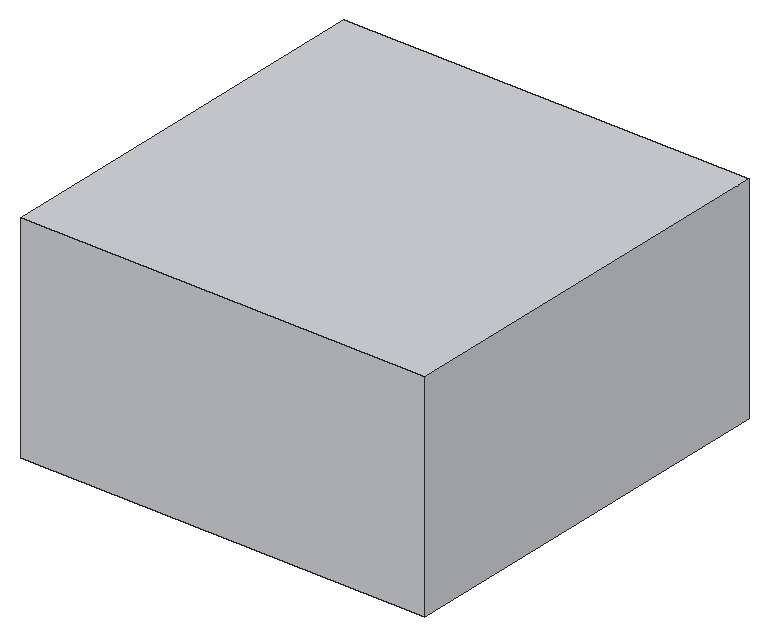
Revit family "a7ae9110b74a4283a073f11bbc006f06", category Electrical Fixtures, Revit 2021
Family settings
  Maintain Annotation Orientation = No
  Round Connector Dimension = Use Diameter
  Part Type = Junction Box
  OmniClass Number = 23.80.30.14.24
  OmniClass Title = Junction Boxes
  Seek Item ID = Junction Boxes - No Load-0000-USA-ENU
  Work Plane-Based = No
  Always vertical = Yes
  Cut with Voids When Loaded = No
  Shared = No
  Room Calculation Point = No
Parameters (values of type "4" Square")
  Width = 0' - 4"
  Voltage [instance] = 120 V
  Number of Poles [instance] = 1
  Load Classification = Power
  Height = 0' - 4"
  Depth = 0' - 2 1/8"
  Default Elevation = 0' - 0"
  Apparent Load = 0 VA
Reference planes (in)
  plane 1 "Center (Front/Back)": y = 0
  plane 2: z = 0
  plane 3 "Center (Left/Right)": x = 0
  plane 4 "Back": y = 2
  plane 5 "Front": y = -2
  plane 6 "Left": x = -2
  plane 7 "Right": x = 2
  plane 8 "Top": z = 2.125
Forms (in)
  Extrusion 1, solid
    sketch origin (0, 0, 0) x (1, 0, 0) y (0, 1, 0)
      loop
        line (-2, 2) -> (-2, -2) -> (2, -2) -> (2, 2) -> (-2, 2)
    from 0 to 2.125
Lines and regions (in)
  model lines, detail levels fine
    curve 1: line (-2, 2, 0) -> (2, 2, 0)
    curve 2: line (-2, -2, 0) -> (-2, 2, 0)
    curve 3: line (2, -2, 0) -> (-2, -2, 0)
    curve 4: line (2, 2, 0) -> (2, -2, 0)
Dimensions and locks (in)
  equal spacing: plane 6 "Left", plane 3 "Center (Left/Right)", plane 7 "Right"
  "Height": plane 6 "Left" to plane 7 "Right"
  equal spacing: plane 5 "Front", plane 1 "Center (Front/Back)", plane 4 "Back"
  "Width": plane 5 "Front" to plane 4 "Back"
  "Depth": plane 8 "Top" to plane 2
  aligned and locked: plane 6 "Left" to Extrusion 1 sketch curve
  aligned and locked: plane 4 "Back" to Extrusion 1 sketch curve
  aligned and locked: plane 5 "Front" to Extrusion 1 sketch curve
  aligned and locked: Extrusion 1 sketch curve to plane 7 "Right"
  aligned and locked: plane 8 "Top" to Extrusion 1
  aligned and locked: curve 1 to Extrusion 1  (x2)
  aligned and locked: Extrusion 1 to curve 4
  aligned and locked: curve 4 to Extrusion 1
  aligned and locked: plane 3 "Center (Left/Right)" to nested 1
  aligned and locked: plane 1 "Center (Front/Back)" to nested 1
Nested families (in)
  nested 1: "Junction Boxes Annotation" at (0, 0, 0), type "Junction Boxes Annotation", detail levels coarse+medium
Connectors (in)
  electrical at (0, 0, 2.125), driven by "Voltage", driven by "Number of Poles", driven by "Apparent Load", driven by "Load Classification"
    settings: on Extrusion 1, index 1, voltage 120 V, apparent load 0 VA, apparent load phase1 0 VA, apparent load phase2 0 VA, apparent load phase3 0 VA, power factor 1, load classification "Power", number of poles 1, system type 31, power factor state 1, is connector primary yes, connector utility no, sub classification motor no, connector description ""
Definition of nested family "Junction Boxes Annotation"
  Reference planes (in)
    plane 1: y = 0
    plane 2: x = 0
  Lines and regions (in)
    detail lines
      curve 1: circle (0, 0, 0) r 0.09375 normal (0, 0, 1)
  Text (in)
    text "J" at (0.00068, 0.06968, 0)
  Dimensions and locks (in)
    aligned and locked: plane 1 to curve 1
    aligned and locked: plane 2 to curve 1
